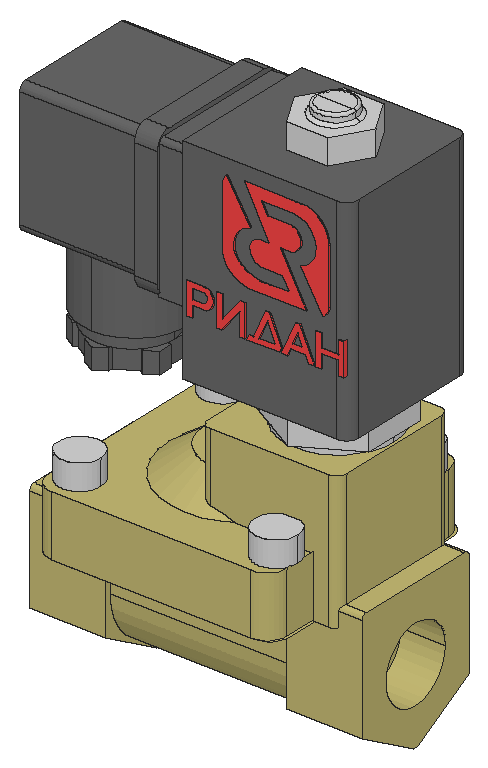
Revit family "РИДАН_Соленоидный клапан EV220WR", category Арматура трубопроводов, Revit 2019 (continued)
Types in the file's own list only (84): name | Ду50 | Ду10_40 | y | x3 | x2 | x1 | x | w | v | u1 | u | t1 | t | s | r2 | r1 | r | p1 | p | o | n | m | l | k | j | i | h2 | h1 | h | g | f | e | d | c | b | a | ADSK_Расход жидкости | ADSK_Пропускная способность | ADSK_Потеря давления жидкости | ADSK_Полная мощность | ADSK_Номинальная мощность | ADSK_Напряжение | ADSK_Наименование | ADSK_Масса | ADSK_Марка | ADSK_Код изделия | ADSK_Диаметр условный
  EV220WR НЗ NBR 0,3-16 бар 24 В 50 Гц DN20 | Нет | Да | 57 мм | 7 мм | 5 мм | 43 мм | 43 мм | 78 мм | 18 мм | 9 мм | 24 мм | 2 мм | 20 мм | 39 мм | 2 мм | 2 мм | 2 мм | 2 мм | 30 мм | 10 мм | 21 мм | 32 мм | 11 мм | 24 мм | 5 мм | 57 мм | 69 мм | 14 мм | 29 мм | 15 мм | 35 мм | 18 мм | 20 мм | 31 мм | 18 мм | 16 мм | 0.0 л/с | 1.9 л/с | 0.0 Па | 18 В·А | 18 Вт | 24 В | "Клапан электромагнитный EV220WR, нормально закрытый, NBR, 0,3-16 бар, 24 В, 50 Гц, DN20" | 0.85 | "EV220WR DN20" | "042U012016R" | 20 мм
  EV220WR НЗ NBR 0,3-16 бар 24 В 50 Гц DN25 | Нет | Да | 70 мм | 10 мм | 6 мм | 55 мм | 55 мм | 88 мм | 28 мм | 13 мм | 29 мм | 3 мм | 25 мм | 47 мм | 3 мм | 2 мм | 13 мм | 3 мм | 30 мм | 16 мм | 27 мм | 40 мм | 17 мм | 33 мм | 8 мм | 70 мм | 69 мм | 16 мм | 33 мм | 21 мм | 62 мм | 31 мм | 17 мм | 41 мм | 23 мм | 23 мм | 0.0 л/с | 2.8 л/с | 0.0 Па | 18 В·А | 18 Вт | 24 В | "Клапан электромагнитный EV220WR, нормально закрытый, NBR, 0,3-16 бар, 24 В, 50 Гц, DN25" | 1.35 | "EV220WR DN25" | "042U012516R" | 25 мм
  EV220WR НЗ NBR 0,3-16 бар 24 В 50 Гц DN32 | Нет | Да | 96 мм | 8 мм | 6 мм | 73 мм | 73 мм | 98 мм | 38 мм | 18 мм | 39 мм | 4 мм | 35 мм | 59 мм | 6 мм | 3 мм | 22 мм | 2 мм | 31 мм | 25 мм | 40 мм | 52 мм | 26 мм | 44 мм | 12 мм | 96 мм | 69 мм | 26 мм | 53 мм | 29 мм | 83 мм | 41 мм | 24 мм | 57 мм | 31 мм | 32 мм | 0.0 л/с | 5.8 л/с | 0.0 Па | 18 В·А | 18 Вт | 24 В | "Клапан электромагнитный EV220WR, нормально закрытый, NBR, 0,3-16 бар, 24 В, 50 Гц, DN32" | 2.8 | "EV220WR DN32" | "042U013216R" | 32 мм
  EV220WR НЗ NBR 0,3-16 бар 24 В 50 Гц DN40 | Нет | Да | 96 мм | 8 мм | 6 мм | 73 мм | 73 мм | 98 мм | 38 мм | 18 мм | 39 мм | 4 мм | 35 мм | 59 мм | 6 мм | 3 мм | 22 мм | 2 мм | 31 мм | 25 мм | 40 мм | 52 мм | 26 мм | 44 мм | 12 мм | 96 мм | 69 мм | 26 мм | 53 мм | 29 мм | 83 мм | 41 мм | 24 мм | 57 мм | 31 мм | 32 мм | 0.0 л/с | 7.2 л/с | 0.0 Па | 18 В·А | 18 Вт | 24 В | "Клапан электромагнитный EV220WR, нормально закрытый, NBR, 0,3-16 бар, 24 В, 50 Гц, DN40" | 2.8 | "EV220WR DN40" | "042U014016R" | 40 мм
  EV220WR НЗ NBR 0,3-16 бар 24 В 50 Гц DN50 | Да | Нет | 130 мм | 10 мм | 8 мм | 92 мм | 92 мм | 108 мм | 48 мм | 18 мм | 39 мм | 5 мм | 40 мм | 68 мм | 6 мм | 3 мм | 27 мм | 3 мм | 40 мм | 30 мм | 50 мм | 60 мм | 31 мм | 49 мм | 15 мм | 120 мм | 69 мм | 28 мм | 56 мм | 37 мм | 99 мм | 49 мм | 33 мм | 57 мм | 31 мм | 32 мм | 0.0 л/с | 11.4 л/с | 0.0 Па | 18 В·А | 18 Вт | 24 В | "Клапан электромагнитный EV220WR, нормально закрытый, NBR, 0,3-16 бар, 24 В, 50 Гц, DN50" | 3.9 | "EV220WR DN50" | "042U015016R" | 50 мм
  EV220WR НО EPDM 0,3-13 бар 230 В 50 Гц DN10 | Нет | Да | 48 мм | 5 мм | 4 мм | 39 мм | 36 мм | 77 мм | 17 мм | 9 мм | 15 мм | 1 мм | 15 мм | 38 мм | 2 мм | 1 мм | 1 мм | 2 мм | 28 мм | 9 мм | 16 мм | 28 мм | 11 мм | 23 мм | 4 мм | 48 мм | 69 мм | 12 мм | 24 мм | 12 мм | 36 мм | 18 мм | 15 мм | 26 мм | 15 мм | 15 мм | 0.0 л/с | 1.1 л/с | 0.0 Па | 22 В·А | 22 Вт | 230 В | "Клапан электромагнитный EV220WR, нормально открытый, EPDM, 0,3-13 бар, 230 В, 50 Гц, DN10" | 0.7 | "EV220WR DN10" | "042U401031R" | 10 мм
  EV220WR НО EPDM 0,3-13 бар 230 В 50 Гц DN15 | Нет | Да | 48 мм | 5 мм | 4 мм | 39 мм | 36 мм | 77 мм | 17 мм | 9 мм | 15 мм | 1 мм | 15 мм | 38 мм | 2 мм | 1 мм | 1 мм | 2 мм | 28 мм | 9 мм | 16 мм | 28 мм | 11 мм | 23 мм | 4 мм | 48 мм | 69 мм | 12 мм | 24 мм | 12 мм | 36 мм | 18 мм | 15 мм | 26 мм | 15 мм | 15 мм | 0.0 л/с | 1.1 л/с | 0.0 Па | 22 В·А | 22 Вт | 230 В | "Клапан электромагнитный EV220WR, нормально открытый, EPDM, 0,3-13 бар, 230 В, 50 Гц, DN15" | 0.7 | "EV220WR DN15" | "042U401531R" | 15 мм
  EV220WR НО EPDM 0,3-13 бар 230 В 50 Гц DN20 | Нет | Да | 57 мм | 7 мм | 5 мм | 43 мм | 43 мм | 78 мм | 18 мм | 9 мм | 24 мм | 2 мм | 20 мм | 39 мм | 2 мм | 2 мм | 2 мм | 2 мм | 30 мм | 10 мм | 21 мм | 32 мм | 11 мм | 24 мм | 5 мм | 57 мм | 69 мм | 14 мм | 29 мм | 15 мм | 35 мм | 18 мм | 20 мм | 31 мм | 18 мм | 16 мм | 0.0 л/с | 1.9 л/с | 0.0 Па | 22 В·А | 22 Вт | 230 В | "Клапан электромагнитный EV220WR, нормально открытый, EPDM, 0,3-13 бар, 230 В, 50 Гц, DN20" | 0.85 | "EV220WR DN20" | "042U402031R" | 20 мм
  EV220WR НО EPDM 0,3-13 бар 230 В 50 Гц DN25 | Нет | Да | 70 мм | 10 мм | 6 мм | 55 мм | 55 мм | 88 мм | 28 мм | 13 мм | 29 мм | 3 мм | 25 мм | 47 мм | 3 мм | 2 мм | 13 мм | 3 мм | 30 мм | 16 мм | 27 мм | 40 мм | 17 мм | 33 мм | 8 мм | 70 мм | 69 мм | 16 мм | 33 мм | 21 мм | 62 мм | 31 мм | 17 мм | 41 мм | 23 мм | 23 мм | 0.0 л/с | 2.8 л/с | 0.0 Па | 22 В·А | 22 Вт | 230 В | "Клапан электромагнитный EV220WR, нормально открытый, EPDM, 0,3-13 бар, 230 В, 50 Гц, DN25" | 1.35 | "EV220WR DN25" | "042U402531R" | 25 мм
  EV220WR НО EPDM 0,3-8 бар 230 В 50 Гц DN32 | Нет | Да | 96 мм | 8 мм | 6 мм | 73 мм | 73 мм | 98 мм | 38 мм | 18 мм | 39 мм | 4 мм | 35 мм | 59 мм | 6 мм | 3 мм | 22 мм | 2 мм | 31 мм | 25 мм | 40 мм | 52 мм | 26 мм | 44 мм | 12 мм | 96 мм | 69 мм | 26 мм | 53 мм | 29 мм | 83 мм | 41 мм | 24 мм | 57 мм | 31 мм | 32 мм | 0.0 л/с | 5.8 л/с | 0.0 Па | 22 В·А | 22 Вт | 230 В | "Клапан электромагнитный EV220WR, нормально открытый, EPDM, 0,3-8 бар, 230 В, 50 Гц, DN32" | 2.8 | "EV220WR DN32" | "042U403231R" | 32 мм
  EV220WR НО EPDM 0,3-8 бар 230 В 50 Гц DN40 | Нет | Да | 96 мм | 8 мм | 6 мм | 73 мм | 73 мм | 98 мм | 38 мм | 18 мм | 39 мм | 4 мм | 35 мм | 59 мм | 6 мм | 3 мм | 22 мм | 2 мм | 31 мм | 25 мм | 40 мм | 52 мм | 26 мм | 44 мм | 12 мм | 96 мм | 69 мм | 26 мм | 53 мм | 29 мм | 83 мм | 41 мм | 24 мм | 57 мм | 31 мм | 32 мм | 0.0 л/с | 7.2 л/с | 0.0 Па | 22 В·А | 22 Вт | 230 В | "Клапан электромагнитный EV220WR, нормально открытый, EPDM, 0,3-8 бар, 230 В, 50 Гц, DN40" | 2.8 | "EV220WR DN40" | "042U404031R" | 40 мм
  EV220WR НО EPDM 0,3-8 бар 230 В 50 Гц DN50 | Да | Нет | 130 мм | 10 мм | 8 мм | 92 мм | 92 мм | 108 мм | 48 мм | 18 мм | 39 мм | 5 мм | 40 мм | 68 мм | 6 мм | 3 мм | 27 мм | 3 мм | 40 мм | 30 мм | 50 мм | 60 мм | 31 мм | 49 мм | 15 мм | 120 мм | 69 мм | 28 мм | 56 мм | 37 мм | 99 мм | 49 мм | 33 мм | 57 мм | 31 мм | 32 мм | 0.0 л/с | 11.4 л/с | 0.0 Па | 22 В·А | 22 Вт | 230 В | "Клапан электромагнитный EV220WR, нормально открытый, EPDM, 0,3-8 бар, 230 В, 50 Гц, DN50" | 3.9 | "EV220WR DN50" | "042U405031R" | 50 мм
  EV220WR НО EPDM 0,3-13 бар 24 В пост. Ток DN10 | Нет | Да | 48 мм | 5 мм | 4 мм | 39 мм | 36 мм | 77 мм | 17 мм | 9 мм | 15 мм | 1 мм | 15 мм | 38 мм | 2 мм | 1 мм | 1 мм | 2 мм | 28 мм | 9 мм | 16 мм | 28 мм | 11 мм | 23 мм | 4 мм | 48 мм | 69 мм | 12 мм | 24 мм | 12 мм | 36 мм | 18 мм | 15 мм | 26 мм | 15 мм | 15 мм | 0.0 л/с | 1.1 л/с | 0.0 Па | 13 В·А | 13 Вт | 24 В | "Клапан электромагнитный EV220WR, нормально открытый, EPDM, 0,3-13 бар, 24 В пост. Ток, DN10" | 0.7 | "EV220WR DN10" | "042U401002R" | 10 мм
  EV220WR НО EPDM 0,3-13 бар 24 В пост. Ток DN15 | Нет | Да | 48 мм | 5 мм | 4 мм | 39 мм | 36 мм | 77 мм | 17 мм | 9 мм | 15 мм | 1 мм | 15 мм | 38 мм | 2 мм | 1 мм | 1 мм | 2 мм | 28 мм | 9 мм | 16 мм | 28 мм | 11 мм | 23 мм | 4 мм | 48 мм | 69 мм | 12 мм | 24 мм | 12 мм | 36 мм | 18 мм | 15 мм | 26 мм | 15 мм | 15 мм | 0.0 л/с | 1.1 л/с | 0.0 Па | 13 В·А | 13 Вт | 24 В | "Клапан электромагнитный EV220WR, нормально открытый, EPDM, 0,3-13 бар, 24 В пост. Ток, DN15" | 0.7 | "EV220WR DN15" | "042U401502R" | 15 мм
  EV220WR НО EPDM 0,3-13 бар 24 В пост. Ток DN20 | Нет | Да | 57 мм | 7 мм | 5 мм | 43 мм | 43 мм | 78 мм | 18 мм | 9 мм | 24 мм | 2 мм | 20 мм | 39 мм | 2 мм | 2 мм | 2 мм | 2 мм | 30 мм | 10 мм | 21 мм | 32 мм | 11 мм | 24 мм | 5 мм | 57 мм | 69 мм | 14 мм | 29 мм | 15 мм | 35 мм | 18 мм | 20 мм | 31 мм | 18 мм | 16 мм | 0.0 л/с | 1.9 л/с | 0.0 Па | 13 В·А | 13 Вт | 24 В | "Клапан электромагнитный EV220WR, нормально открытый, EPDM, 0,3-13 бар, 24 В пост. Ток, DN20" | 0.85 | "EV220WR DN20" | "042U402002R" | 20 мм
  EV220WR НО EPDM 0,3-13 бар 24 В пост. Ток DN25 | Нет | Да | 70 мм | 10 мм | 6 мм | 55 мм | 55 мм | 88 мм | 28 мм | 13 мм | 29 мм | 3 мм | 25 мм | 47 мм | 3 мм | 2 мм | 13 мм | 3 мм | 30 мм | 16 мм | 27 мм | 40 мм | 17 мм | 33 мм | 8 мм | 70 мм | 69 мм | 16 мм | 33 мм | 21 мм | 62 мм | 31 мм | 17 мм | 41 мм | 23 мм | 23 мм | 0.0 л/с | 2.8 л/с | 0.0 Па | 13 В·А | 13 Вт | 24 В | "Клапан электромагнитный EV220WR, нормально открытый, EPDM, 0,3-13 бар, 24 В пост. Ток, DN25" | 1.35 | "EV220WR DN25" | "042U402502R" | 25 мм
  EV220WR НО EPDM 0,3-8 бар 24 В пост. Ток DN32 | Нет | Да | 96 мм | 8 мм | 6 мм | 73 мм | 73 мм | 98 мм | 38 мм | 18 мм | 39 мм | 4 мм | 35 мм | 59 мм | 6 мм | 3 мм | 22 мм | 2 мм | 31 мм | 25 мм | 40 мм | 52 мм | 26 мм | 44 мм | 12 мм | 96 мм | 69 мм | 26 мм | 53 мм | 29 мм | 83 мм | 41 мм | 24 мм | 57 мм | 31 мм | 32 мм | 0.0 л/с | 5.8 л/с | 0.0 Па | 13 В·А | 13 Вт | 24 В | "Клапан электромагнитный EV220WR, нормально открытый, EPDM, 0,3-8 бар, 24 В пост. Ток, DN32" | 2.8 | "EV220WR DN32" | "042U403202R" | 32 мм
  EV220WR НО EPDM 0,3-8 бар 24 В пост. Ток DN40 | Нет | Да | 96 мм | 8 мм | 6 мм | 73 мм | 73 мм | 98 мм | 38 мм | 18 мм | 39 мм | 4 мм | 35 мм | 59 мм | 6 мм | 3 мм | 22 мм | 2 мм | 31 мм | 25 мм | 40 мм | 52 мм | 26 мм | 44 мм | 12 мм | 96 мм | 69 мм | 26 мм | 53 мм | 29 мм | 83 мм | 41 мм | 24 мм | 57 мм | 31 мм | 32 мм | 0.0 л/с | 7.2 л/с | 0.0 Па | 13 В·А | 13 Вт | 24 В | "Клапан электромагнитный EV220WR, нормально открытый, EPDM, 0,3-8 бар, 24 В пост. Ток, DN40" | 2.8 | "EV220WR DN40" | "042U404002R" | 40 мм
  EV220WR НО EPDM 0,3-8 бар 24 В пост. Ток DN50 | Да | Нет | 130 мм | 10 мм | 8 мм | 92 мм | 92 мм | 108 мм | 48 мм | 18 мм | 39 мм | 5 мм | 40 мм | 68 мм | 6 мм | 3 мм | 27 мм | 3 мм | 40 мм | 30 мм | 50 мм | 60 мм | 31 мм | 49 мм | 15 мм | 120 мм | 69 мм | 28 мм | 56 мм | 37 мм | 99 мм | 49 мм | 33 мм | 57 мм | 31 мм | 32 мм | 0.0 л/с | 11.4 л/с | 0.0 Па | 13 В·А | 13 Вт | 24 В | "Клапан электромагнитный EV220WR, нормально открытый, EPDM, 0,3-8 бар, 24 В пост. Ток, DN50" | 3.9 | "EV220WR DN50" | "042U405002R" | 50 мм
  EV220WR НО EPDM 0,3-13 бар 24 В 50 Гц DN10 | Нет | Да | 48 мм | 5 мм | 4 мм | 39 мм | 36 мм | 77 мм | 17 мм | 9 мм | 15 мм | 1 мм | 15 мм | 38 мм | 2 мм | 1 мм | 1 мм | 2 мм | 28 мм | 9 мм | 16 мм | 28 мм | 11 мм | 23 мм | 4 мм | 48 мм | 69 мм | 12 мм | 24 мм | 12 мм | 36 мм | 18 мм | 15 мм | 26 мм | 15 мм | 15 мм | 0.0 л/с | 1.1 л/с | 0.0 Па | 18 В·А | 18 Вт | 24 В | "Клапан электромагнитный EV220WR, нормально открытый, EPDM, 0,3-13 бар, 24 В, 50 Гц, DN10" | 0.7 | "EV220WR DN10" | "042U401016R" | 10 мм
  EV220WR НО EPDM 0,3-13 бар 24 В 50 Гц DN15 | Нет | Да | 48 мм | 5 мм | 4 мм | 39 мм | 36 мм | 77 мм | 17 мм | 9 мм | 15 мм | 1 мм | 15 мм | 38 мм | 2 мм | 1 мм | 1 мм | 2 мм | 28 мм | 9 мм | 16 мм | 28 мм | 11 мм | 23 мм | 4 мм | 48 мм | 69 мм | 12 мм | 24 мм | 12 мм | 36 мм | 18 мм | 15 мм | 26 мм | 15 мм | 15 мм | 0.0 л/с | 1.1 л/с | 0.0 Па | 18 В·А | 18 Вт | 24 В | "Клапан электромагнитный EV220WR, нормально открытый, EPDM, 0,3-13 бар, 24 В, 50 Гц, DN15" | 0.7 | "EV220WR DN15" | "042U401516R" | 15 мм
  EV220WR НО EPDM 0,3-13 бар 24 В 50 Гц DN20 | Нет | Да | 57 мм | 7 мм | 5 мм | 43 мм | 43 мм | 78 мм | 18 мм | 9 мм | 24 мм | 2 мм | 20 мм | 39 мм | 2 мм | 2 мм | 2 мм | 2 мм | 30 мм | 10 мм | 21 мм | 32 мм | 11 мм | 24 мм | 5 мм | 57 мм | 69 мм | 14 мм | 29 мм | 15 мм | 35 мм | 18 мм | 20 мм | 31 мм | 18 мм | 16 мм | 0.0 л/с | 1.9 л/с | 0.0 Па | 18 В·А | 18 Вт | 24 В | "Клапан электромагнитный EV220WR, нормально открытый, EPDM, 0,3-13 бар, 24 В, 50 Гц, DN20" | 0.85 | "EV220WR DN20" | "042U402016R" | 20 мм
  EV220WR НО EPDM 0,3-13 бар 24 В 50 Гц DN25 | Нет | Да | 70 мм | 10 мм | 6 мм | 55 мм | 55 мм | 88 мм | 28 мм | 13 мм | 29 мм | 3 мм | 25 мм | 47 мм | 3 мм | 2 мм | 13 мм | 3 мм | 30 мм | 16 мм | 27 мм | 40 мм | 17 мм | 33 мм | 8 мм | 70 мм | 69 мм | 16 мм | 33 мм | 21 мм | 62 мм | 31 мм | 17 мм | 41 мм | 23 мм | 23 мм | 0.0 л/с | 2.8 л/с | 0.0 Па | 18 В·А | 18 Вт | 24 В | "Клапан электромагнитный EV220WR, нормально открытый, EPDM, 0,3-13 бар, 24 В, 50 Гц, DN25" | 1.35 | "EV220WR DN25" | "042U402516R" | 25 мм
  EV220WR НО EPDM 0,3-8 бар 24 В 50 Гц DN32 | Нет | Да | 96 мм | 8 мм | 6 мм | 73 мм | 73 мм | 98 мм | 38 мм | 18 мм | 39 мм | 4 мм | 35 мм | 59 мм | 6 мм | 3 мм | 22 мм | 2 мм | 31 мм | 25 мм | 40 мм | 52 мм | 26 мм | 44 мм | 12 мм | 96 мм | 69 мм | 26 мм | 53 мм | 29 мм | 83 мм | 41 мм | 24 мм | 57 мм | 31 мм | 32 мм | 0.0 л/с | 5.8 л/с | 0.0 Па | 18 В·А | 18 Вт | 24 В | "Клапан электромагнитный EV220WR, нормально открытый, EPDM, 0,3-8 бар, 24 В, 50 Гц, DN32" | 2.8 | "EV220WR DN32" | "042U403216R" | 32 мм
  EV220WR НО EPDM 0,3-8 бар 24 В 50 Гц DN40 | Нет | Да | 96 мм | 8 мм | 6 мм | 73 мм | 73 мм | 98 мм | 38 мм | 18 мм | 39 мм | 4 мм | 35 мм | 59 мм | 6 мм | 3 мм | 22 мм | 2 мм | 31 мм | 25 мм | 40 мм | 52 мм | 26 мм | 44 мм | 12 мм | 96 мм | 69 мм | 26 мм | 53 мм | 29 мм | 83 мм | 41 мм | 24 мм | 57 мм | 31 мм | 32 мм | 0.0 л/с | 7.2 л/с | 0.0 Па | 18 В·А | 18 Вт | 24 В | "Клапан электромагнитный EV220WR, нормально открытый, EPDM, 0,3-8 бар, 24 В, 50 Гц, DN40" | 2.8 | "EV220WR DN40" | "042U404016R" | 40 мм
  EV220WR НО EPDM 0,3-8 бар 24 В 50 Гц DN50 | Да | Нет | 130 мм | 10 мм | 8 мм | 92 мм | 92 мм | 108 мм | 48 мм | 18 мм | 39 мм | 5 мм | 40 мм | 68 мм | 6 мм | 3 мм | 27 мм | 3 мм | 40 мм | 30 мм | 50 мм | 60 мм | 31 мм | 49 мм | 15 мм | 120 мм | 69 мм | 28 мм | 56 мм | 37 мм | 99 мм | 49 мм | 33 мм | 57 мм | 31 мм | 32 мм | 0.0 л/с | 11.4 л/с | 0.0 Па | 18 В·А | 18 Вт | 24 В | "Клапан электромагнитный EV220WR, нормально открытый, EPDM, 0,3-8 бар, 24 В, 50 Гц, DN50" | 3.9 | "EV220WR DN50" | "042U405016R" | 50 мм
  EV220WR НО NBR 0,3-13 бар 230 В 50 Гц DN10 | Нет | Да | 48 мм | 5 мм | 4 мм | 39 мм | 36 мм | 77 мм | 17 мм | 9 мм | 15 мм | 1 мм | 15 мм | 38 мм | 2 мм | 1 мм | 1 мм | 2 мм | 28 мм | 9 мм | 16 мм | 28 мм | 11 мм | 23 мм | 4 мм | 48 мм | 69 мм | 12 мм | 24 мм | 12 мм | 36 мм | 18 мм | 15 мм | 26 мм | 15 мм | 15 мм | 0.0 л/с | 1.1 л/с | 0.0 Па | 22 В·А | 22 Вт | 230 В | "Клапан электромагнитный EV220WR, нормально открытый, NBR, 0,3-13 бар, 230 В, 50 Гц, DN10" | 0.7 | "EV220WR DN10" | "042U411031R" | 10 мм
  EV220WR НО NBR 0,3-13 бар 230 В 50 Гц DN15 | Нет | Да | 48 мм | 5 мм | 4 мм | 39 мм | 36 мм | 77 мм | 17 мм | 9 мм | 15 мм | 1 мм | 15 мм | 38 мм | 2 мм | 1 мм | 1 мм | 2 мм | 28 мм | 9 мм | 16 мм | 28 мм | 11 мм | 23 мм | 4 мм | 48 мм | 69 мм | 12 мм | 24 мм | 12 мм | 36 мм | 18 мм | 15 мм | 26 мм | 15 мм | 15 мм | 0.0 л/с | 1.1 л/с | 0.0 Па | 22 В·А | 22 Вт | 230 В | "Клапан электромагнитный EV220WR, нормально открытый, NBR, 0,3-13 бар, 230 В, 50 Гц, DN15" | 0.7 | "EV220WR DN15" | "042U411531R" | 15 мм
  EV220WR НО NBR 0,3-13 бар 230 В 50 Гц DN20 | Нет | Да | 57 мм | 7 мм | 5 мм | 43 мм | 43 мм | 78 мм | 18 мм | 9 мм | 24 мм | 2 мм | 20 мм | 39 мм | 2 мм | 2 мм | 2 мм | 2 мм | 30 мм | 10 мм | 21 мм | 32 мм | 11 мм | 24 мм | 5 мм | 57 мм | 69 мм | 14 мм | 29 мм | 15 мм | 35 мм | 18 мм | 20 мм | 31 мм | 18 мм | 16 мм | 0.0 л/с | 1.9 л/с | 0.0 Па | 22 В·А | 22 Вт | 230 В | "Клапан электромагнитный EV220WR, нормально открытый, NBR, 0,3-13 бар, 230 В, 50 Гц, DN20" | 0.85 | "EV220WR DN20" | "042U412031R" | 20 мм
  EV220WR НО NBR 0,3-13 бар 230 В 50 Гц DN25 | Нет | Да | 70 мм | 10 мм | 6 мм | 55 мм | 55 мм | 88 мм | 28 мм | 13 мм | 29 мм | 3 мм | 25 мм | 47 мм | 3 мм | 2 мм | 13 мм | 3 мм | 30 мм | 16 мм | 27 мм | 40 мм | 17 мм | 33 мм | 8 мм | 70 мм | 69 мм | 16 мм | 33 мм | 21 мм | 62 мм | 31 мм | 17 мм | 41 мм | 23 мм | 23 мм | 0.0 л/с | 2.8 л/с | 0.0 Па | 22 В·А | 22 Вт | 230 В | "Клапан электромагнитный EV220WR, нормально открытый, NBR, 0,3-13 бар, 230 В, 50 Гц, DN25" | 1.35 | "EV220WR DN25" | "042U412531R" | 25 мм
  EV220WR НО NBR 0,3-8 бар 230 В 50 Гц DN32 | Нет | Да | 96 мм | 8 мм | 6 мм | 73 мм | 73 мм | 98 мм | 38 мм | 18 мм | 39 мм | 4 мм | 35 мм | 59 мм | 6 мм | 3 мм | 22 мм | 2 мм | 31 мм | 25 мм | 40 мм | 52 мм | 26 мм | 44 мм | 12 мм | 96 мм | 69 мм | 26 мм | 53 мм | 29 мм | 83 мм | 41 мм | 24 мм | 57 мм | 31 мм | 32 мм | 0.0 л/с | 5.8 л/с | 0.0 Па | 22 В·А | 22 Вт | 230 В | "Клапан электромагнитный EV220WR, нормально открытый, NBR, 0,3-8 бар, 230 В, 50 Гц, DN32" | 2.8 | "EV220WR DN32" | "042U413231R" | 32 мм
  EV220WR НО NBR 0,3-8 бар 230 В 50 Гц DN40 | Нет | Да | 96 мм | 8 мм | 6 мм | 73 мм | 73 мм | 98 мм | 38 мм | 18 мм | 39 мм | 4 мм | 35 мм | 59 мм | 6 мм | 3 мм | 22 мм | 2 мм | 31 мм | 25 мм | 40 мм | 52 мм | 26 мм | 44 мм | 12 мм | 96 мм | 69 мм | 26 мм | 53 мм | 29 мм | 83 мм | 41 мм | 24 мм | 57 мм | 31 мм | 32 мм | 0.0 л/с | 7.2 л/с | 0.0 Па | 22 В·А | 22 Вт | 230 В | "Клапан электромагнитный EV220WR, нормально открытый, NBR, 0,3-8 бар, 230 В, 50 Гц, DN40" | 2.8 | "EV220WR DN40" | "042U414031R" | 40 мм
  EV220WR НО NBR 0,3-8 бар 230 В 50 Гц DN50 | Да | Нет | 130 мм | 10 мм | 8 мм | 92 мм | 92 мм | 108 мм | 48 мм | 18 мм | 39 мм | 5 мм | 40 мм | 68 мм | 6 мм | 3 мм | 27 мм | 3 мм | 40 мм | 30 мм | 50 мм | 60 мм | 31 мм | 49 мм | 15 мм | 120 мм | 69 мм | 28 мм | 56 мм | 37 мм | 99 мм | 49 мм | 33 мм | 57 мм | 31 мм | 32 мм | 0.0 л/с | 11.4 л/с | 0.0 Па | 22 В·А | 22 Вт | 230 В | "Клапан электромагнитный EV220WR, нормально открытый, NBR, 0,3-8 бар, 230 В, 50 Гц, DN50" | 3.9 | "EV220WR DN50" | "042U415031R" | 50 мм
  EV220WR НО NBR 0,3-13 бар 24 В пост. Ток DN10 | Нет | Да | 48 мм | 5 мм | 4 мм | 39 мм | 36 мм | 77 мм | 17 мм | 9 мм | 15 мм | 1 мм | 15 мм | 38 мм | 2 мм | 1 мм | 1 мм | 2 мм | 28 мм | 9 мм | 16 мм | 28 мм | 11 мм | 23 мм | 4 мм | 48 мм | 69 мм | 12 мм | 24 мм | 12 мм | 36 мм | 18 мм | 15 мм | 26 мм | 15 мм | 15 мм | 0.0 л/с | 1.1 л/с | 0.0 Па | 13 В·А | 13 Вт | 24 В | "Клапан электромагнитный EV220WR, нормально открытый, NBR, 0,3-13 бар, 24 В пост. Ток, DN10" | 0.7 | "EV220WR DN10" | "042U411002R" | 10 мм
  EV220WR НО NBR 0,3-13 бар 24 В пост. Ток DN15 | Нет | Да | 48 мм | 5 мм | 4 мм | 39 мм | 36 мм | 77 мм | 17 мм | 9 мм | 15 мм | 1 мм | 15 мм | 38 мм | 2 мм | 1 мм | 1 мм | 2 мм | 28 мм | 9 мм | 16 мм | 28 мм | 11 мм | 23 мм | 4 мм | 48 мм | 69 мм | 12 мм | 24 мм | 12 мм | 36 мм | 18 мм | 15 мм | 26 мм | 15 мм | 15 мм | 0.0 л/с | 1.1 л/с | 0.0 Па | 13 В·А | 13 Вт | 24 В | "Клапан электромагнитный EV220WR, нормально открытый, NBR, 0,3-13 бар, 24 В пост. Ток, DN15" | 0.7 | "EV220WR DN15" | "042U411502R" | 15 мм
  EV220WR НО NBR 0,3-13 бар 24 В пост. Ток DN20 | Нет | Да | 57 мм | 7 мм | 5 мм | 43 мм | 43 мм | 78 мм | 18 мм | 9 мм | 24 мм | 2 мм | 20 мм | 39 мм | 2 мм | 2 мм | 2 мм | 2 мм | 30 мм | 10 мм | 21 мм | 32 мм | 11 мм | 24 мм | 5 мм | 57 мм | 69 мм | 14 мм | 29 мм | 15 мм | 35 мм | 18 мм | 20 мм | 31 мм | 18 мм | 16 мм | 0.0 л/с | 1.9 л/с | 0.0 Па | 13 В·А | 13 Вт | 24 В | "Клапан электромагнитный EV220WR, нормально открытый, NBR, 0,3-13 бар, 24 В пост. Ток, DN20" | 0.85 | "EV220WR DN20" | "042U412002R" | 20 мм
  EV220WR НО NBR 0,3-13 бар 24 В пост. Ток DN25 | Нет | Да | 70 мм | 10 мм | 6 мм | 55 мм | 55 мм | 88 мм | 28 мм | 13 мм | 29 мм | 3 мм | 25 мм | 47 мм | 3 мм | 2 мм | 13 мм | 3 мм | 30 мм | 16 мм | 27 мм | 40 мм | 17 мм | 33 мм | 8 мм | 70 мм | 69 мм | 16 мм | 33 мм | 21 мм | 62 мм | 31 мм | 17 мм | 41 мм | 23 мм | 23 мм | 0.0 л/с | 2.8 л/с | 0.0 Па | 13 В·А | 13 Вт | 24 В | "Клапан электромагнитный EV220WR, нормально открытый, NBR, 0,3-13 бар, 24 В пост. Ток, DN25" | 1.35 | "EV220WR DN25" | "042U412502R" | 25 мм
  EV220WR НО NBR 0,3-8 бар 24 В пост. Ток DN32 | Нет | Да | 96 мм | 8 мм | 6 мм | 73 мм | 73 мм | 98 мм | 38 мм | 18 мм | 39 мм | 4 мм | 35 мм | 59 мм | 6 мм | 3 мм | 22 мм | 2 мм | 31 мм | 25 мм | 40 мм | 52 мм | 26 мм | 44 мм | 12 мм | 96 мм | 69 мм | 26 мм | 53 мм | 29 мм | 83 мм | 41 мм | 24 мм | 57 мм | 31 мм | 32 мм | 0.0 л/с | 5.8 л/с | 0.0 Па | 13 В·А | 13 Вт | 24 В | "Клапан электромагнитный EV220WR, нормально открытый, NBR, 0,3-8 бар, 24 В пост. Ток, DN32" | 2.8 | "EV220WR DN32" | "042U413202R" | 32 мм
  EV220WR НО NBR 0,3-8 бар 24 В пост. Ток DN40 | Нет | Да | 96 мм | 8 мм | 6 мм | 73 мм | 73 мм | 98 мм | 38 мм | 18 мм | 39 мм | 4 мм | 35 мм | 59 мм | 6 мм | 3 мм | 22 мм | 2 мм | 31 мм | 25 мм | 40 мм | 52 мм | 26 мм | 44 мм | 12 мм | 96 мм | 69 мм | 26 мм | 53 мм | 29 мм | 83 мм | 41 мм | 24 мм | 57 мм | 31 мм | 32 мм | 0.0 л/с | 7.2 л/с | 0.0 Па | 13 В·А | 13 Вт | 24 В | "Клапан электромагнитный EV220WR, нормально открытый, NBR, 0,3-8 бар, 24 В пост. Ток, DN40" | 2.8 | "EV220WR DN40" | "042U414002R" | 40 мм
  EV220WR НО NBR 0,3-8 бар 24 В пост. Ток DN50 | Да | Нет | 130 мм | 10 мм | 8 мм | 92 мм | 92 мм | 108 мм | 48 мм | 18 мм | 39 мм | 5 мм | 40 мм | 68 мм | 6 мм | 3 мм | 27 мм | 3 мм | 40 мм | 30 мм | 50 мм | 60 мм | 31 мм | 49 мм | 15 мм | 120 мм | 69 мм | 28 мм | 56 мм | 37 мм | 99 мм | 49 мм | 33 мм | 57 мм | 31 мм | 32 мм | 0.0 л/с | 11.4 л/с | 0.0 Па | 13 В·А | 13 Вт | 24 В | "Клапан электромагнитный EV220WR, нормально открытый, NBR, 0,3-8 бар, 24 В пост. Ток, DN50" | 3.9 | "EV220WR DN50" | "042U415002R" | 50 мм
  EV220WR НО NBR 0,3-13 бар 24 В 50 Гц DN10 | Нет | Да | 48 мм | 5 мм | 4 мм | 39 мм | 36 мм | 77 мм | 17 мм | 9 мм | 15 мм | 1 мм | 15 мм | 38 мм | 2 мм | 1 мм | 1 мм | 2 мм | 28 мм | 9 мм | 16 мм | 28 мм | 11 мм | 23 мм | 4 мм | 48 мм | 69 мм | 12 мм | 24 мм | 12 мм | 36 мм | 18 мм | 15 мм | 26 мм | 15 мм | 15 мм | 0.0 л/с | 1.1 л/с | 0.0 Па | 18 В·А | 18 Вт | 24 В | "Клапан электромагнитный EV220WR, нормально открытый, NBR, 0,3-13 бар, 24 В, 50 Гц, DN10" | 0.7 | "EV220WR DN10" | "042U411016R" | 10 мм
  EV220WR НО NBR 0,3-13 бар 24 В 50 Гц DN15 | Нет | Да | 48 мм | 5 мм | 4 мм | 39 мм | 36 мм | 77 мм | 17 мм | 9 мм | 15 мм | 1 мм | 15 мм | 38 мм | 2 мм | 1 мм | 1 мм | 2 мм | 28 мм | 9 мм | 16 мм | 28 мм | 11 мм | 23 мм | 4 мм | 48 мм | 69 мм | 12 мм | 24 мм | 12 мм | 36 мм | 18 мм | 15 мм | 26 мм | 15 мм | 15 мм | 0.0 л/с | 1.1 л/с | 0.0 Па | 18 В·А | 18 Вт | 24 В | "Клапан электромагнитный EV220WR, нормально открытый, NBR, 0,3-13 бар, 24 В, 50 Гц, DN15" | 0.7 | "EV220WR DN15" | "042U411516R" | 15 мм
  EV220WR НО NBR 0,3-13 бар 24 В 50 Гц DN20 | Нет | Да | 57 мм | 7 мм | 5 мм | 43 мм | 43 мм | 78 мм | 18 мм | 9 мм | 24 мм | 2 мм | 20 мм | 39 мм | 2 мм | 2 мм | 2 мм | 2 мм | 30 мм | 10 мм | 21 мм | 32 мм | 11 мм | 24 мм | 5 мм | 57 мм | 69 мм | 14 мм | 29 мм | 15 мм | 35 мм | 18 мм | 20 мм | 31 мм | 18 мм | 16 мм | 0.0 л/с | 1.9 л/с | 0.0 Па | 18 В·А | 18 Вт | 24 В | "Клапан электромагнитный EV220WR, нормально открытый, NBR, 0,3-13 бар, 24 В, 50 Гц, DN20" | 0.85 | "EV220WR DN20" | "042U412016R" | 20 мм
  EV220WR НО NBR 0,3-13 бар 24 В 50 Гц DN25 | Нет | Да | 70 мм | 10 мм | 6 мм | 55 мм | 55 мм | 88 мм | 28 мм | 13 мм | 29 мм | 3 мм | 25 мм | 47 мм | 3 мм | 2 мм | 13 мм | 3 мм | 30 мм | 16 мм | 27 мм | 40 мм | 17 мм | 33 мм | 8 мм | 70 мм | 69 мм | 16 мм | 33 мм | 21 мм | 62 мм | 31 мм | 17 мм | 41 мм | 23 мм | 23 мм | 0.0 л/с | 2.8 л/с | 0.0 Па | 18 В·А | 18 Вт | 24 В | "Клапан электромагнитный EV220WR, нормально открытый, NBR, 0,3-13 бар, 24 В, 50 Гц, DN25" | 1.35 | "EV220WR DN25" | "042U412516R" | 25 мм
  EV220WR НО NBR 0,3-8 бар 24 В 50 Гц DN32 | Нет | Да | 96 мм | 8 мм | 6 мм | 73 мм | 73 мм | 98 мм | 38 мм | 18 мм | 39 мм | 4 мм | 35 мм | 59 мм | 6 мм | 3 мм | 22 мм | 2 мм | 31 мм | 25 мм | 40 мм | 52 мм | 26 мм | 44 мм | 12 мм | 96 мм | 69 мм | 26 мм | 53 мм | 29 мм | 83 мм | 41 мм | 24 мм | 57 мм | 31 мм | 32 мм | 0.0 л/с | 5.8 л/с | 0.0 Па | 18 В·А | 18 Вт | 24 В | "Клапан электромагнитный EV220WR, нормально открытый, NBR, 0,3-8 бар, 24 В, 50 Гц, DN32" | 2.8 | "EV220WR DN32" | "042U413216R" | 32 мм
  EV220WR НО NBR 0,3-8 бар 24 В 50 Гц DN40 | Нет | Да | 96 мм | 8 мм | 6 мм | 73 мм | 73 мм | 98 мм | 38 мм | 18 мм | 39 мм | 4 мм | 35 мм | 59 мм | 6 мм | 3 мм | 22 мм | 2 мм | 31 мм | 25 мм | 40 мм | 52 мм | 26 мм | 44 мм | 12 мм | 96 мм | 69 мм | 26 мм | 53 мм | 29 мм | 83 мм | 41 мм | 24 мм | 57 мм | 31 мм | 32 мм | 0.0 л/с | 7.2 л/с | 0.0 Па | 18 В·А | 18 Вт | 24 В | "Клапан электромагнитный EV220WR, нормально открытый, NBR, 0,3-8 бар, 24 В, 50 Гц, DN40" | 2.8 | "EV220WR DN40" | "042U414016R" | 40 мм
  EV220WR НО NBR 0,3-8 бар 24 В 50 Гц DN50 | Да | Нет | 130 мм | 10 мм | 8 мм | 92 мм | 92 мм | 108 мм | 48 мм | 18 мм | 39 мм | 5 мм | 40 мм | 68 мм | 6 мм | 3 мм | 27 мм | 3 мм | 40 мм | 30 мм | 50 мм | 60 мм | 31 мм | 49 мм | 15 мм | 120 мм | 69 мм | 28 мм | 56 мм | 37 мм | 99 мм | 49 мм | 33 мм | 57 мм | 31 мм | 32 мм | 0.0 л/с | 11.4 л/с | 0.0 Па | 18 В·А | 18 Вт | 24 В | "Клапан электромагнитный EV220WR, нормально открытый, NBR, 0,3-8 бар, 24 В, 50 Гц, DN50" | 3.9 | "EV220WR DN50" | "042U415016R" | 50 мм
